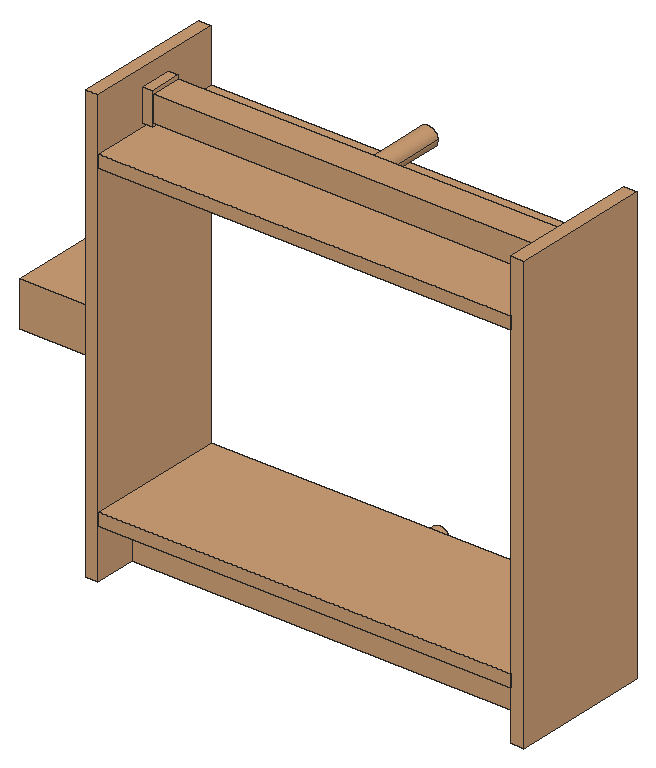
Revit family
Parameters
  Center Of Unit = 0' - 0"  # constant formula
  Water Pressure Drop [instance] = 0.00 psi
  Water Flow [instance] = 0 GPM
  Unit Weight (lbs) = 628
  URL = "http://www.ljwing.com/"
  Water Outlet Radius = 0' - 1 1/2"
  Water Outlet Odd sizes = 0' - 0"
  Total Heating Capacity [instance] = 0.0 Btu/h
  Temperature Rise [instance] = 0 °F
  Series = "VIFB"
  Outlet Area = 21.40 SF
  Number of Rows = 1  # constant formula
  Number of Coils [instance] = 0
  Nominal Length = 5' - 8 5/16"
  Model = "VC-6"
  Manufacturer = "LJ Wing"
  Leaving Water Temperature [instance] = 0 °F
  Leaving Air Temperature [instance] = 0 °F
  Face Velocity (FPM) [instance] = 0
  Entering Water Temperature [instance] = 0 °F
  Entering Air Temperature [instance] = 0 °F
  Description = "Vertical Integral Face & Bypass Water Heating Coils"
  Hot Water Odd Sizes = 0' - 0"
  Hot Water Inlet Offset = 0' - 4 3/8"  # constant formula
  Hot Water Inlet  Radius = 0' - 1 1/2"
  Coil Face Area = Outlet Area * 0.56  # 11.984 SF
  Casing Material = ""
  Assembly Code = "D3020300"
  Air Pressure Drop [instance] = 0.00 in-wg
  Air Inlet Width = Nominal Length - 0' 4"  # 5' - 4 5/16"
  Air Inlet Height = Y  # 4' - 0"
  Air Flow [instance] = 0 CFM
  Z = 0' - 2 1/8"
  Y = 4' - 0"
  S = 0' - 9 3/4"
  Product URL = "http://www.ljwing.com/html/vifb.asp"
  OmniClass = "23-75 70 21 14"
  Nominal Height = 5' - 8"
  Nominal Depth = 1' - 10"
  R = 0' - 10 1/4"
  Q = 0' - 4 5/32"
  P = 0' - 5 1/8"
  L = 0' - 5 15/16"
Reference planes (in)
  plane 1 "Center (Front/Back)": y = 0
  plane 2: z = -24
  plane 3 "Center (Left/Right)": x = 0
  plane 4: z = 34.25
  plane 5: x = -34.15625
  plane 6: x = 34.15625
  plane 7: z = -33.75
  plane 8: z = 0
  plane 9: y = -11
  plane 10: y = 11
  plane 11: z = 24
  plane 12: z = 26
  plane 13: z = -26
  plane 14: x = 32.15625
  plane 15: x = -32.15625
  plane 16: z = 29.125
  plane 17: z = -27.8125
  plane 18: x = -30
  plane 19: x = 30
  plane 20: y = 13.125
  plane 21: y = 15.375
  plane 22: x = -45.15625
  plane 23: x = 0
  plane 24: x = 0
  plane 25: z = 31.125
  plane 26: z = 27.125
  plane 27: y = -2.5
  plane 28: y = 2.5
  plane 29: y = -4.5
Forms (in)
  Extrusion 1, solid, material "Painted Finish"
    sketch origin (0, 6, -9.75) x (1, 0, 0) y (0, 0, 1)
      loop
        line (-34.15625, -24) -> (-32.15625, -24) -> (-32.15625, 44) -> (-34.15625, 44) -> (-34.15625, -24)
      loop
        line (34.15625, -24) -> (34.15625, 44) -> (32.15625, 44) -> (32.15625, -24) -> (34.15625, -24)
    from -5 to 17
  Extrusion 2, solid, material "Painted Finish"
    sketch origin (0, 6, 0) x (1, 0, 0) y (0, 0, 1)
      loop
        line (32.15625, -24) -> (-32.15625, -24) -> (-32.15625, -26) -> (32.15625, -26) -> (32.15625, -24)
      loop
        line (32.15625, 24) -> (32.15625, 26) -> (-32.15625, 26) -> (-32.15625, 24) -> (32.15625, 24)
    from -5 to 17
  Extrusion 3, solid, material "Painted Finish"
    sketch origin (0, 10, -0.5) x (1, 0, 0) y (0, 0, 1)
      loop
        line (-34.15625, 4) -> (-45.15625, 4) -> (-45.15625, -3) -> (-34.15625, -3) -> (-34.15625, 4)
    from 0 to 20
  Extrusion 4, solid, material "Painted Finish"
    sketch origin (0, 6, 0) x (1, 0, 0) y (0, 0, 1)
      loop
        line (-30.53125, 31.125) -> (-30.53125, 27.125) -> (30.53125, 27.125) -> (30.53125, 31.125) -> (-30.53125, 31.125)
    from 3.5 to 8.5
  Extrusion 5, solid, material "Painted Finish"
    sketch origin (0, 0, 0) x (1, 0, 0) y (0, 0, 1)
      loop
        line (-30.53125, 26.625) -> (-30.53125, 31.625) -> (-32.15625, 31.625) -> (-32.15625, 26.625) -> (-30.53125, 26.625)
      loop
        line (32.15625, 26.625) -> (32.15625, 31.625) -> (30.53125, 31.625) -> (30.53125, 26.625) -> (32.15625, 26.625)
    from -2.5 to 2.5
  Extrusion 6, solid, material "Painted Finish"
    sketch origin (0, 23, 0) x (1, 0, 0) y (0, 0, 1)
      loop
        circle (0, 29.125) r 1.5
    from 9.875 to 20.5
  Extrusion 7, solid, material "Painted Finish"
    sketch origin (0, 6, 0) x (1, 0, 0) y (0, 0, 1)
      loop
        line (-32.15625, -26) -> (-32.15625, -33.75) -> (32.15625, -33.75) -> (32.15625, -26) -> (-32.15625, -26)
    from -5 to 10.5
  Extrusion 8, solid, material "Painted Finish"
    sketch origin (0, 23, 0) x (1, 0, 0) y (0, 0, 1)
      loop
        circle (0, -27.8125) r 1.5
    from 7.625 to 12
  Extrusion 9, void
    sketch origin (0, 0, 0) x (1, 0, 0) y (0, 0, 1)
      loop
        line (-32.15625, 24) -> (-32.15625, -24) -> (32.15625, -24) -> (32.15625, 24) -> (-32.15625, 24)
    from -11 to 11
Cuts and joins
  Extrusion 9 cuts Extrusion 1
  Extrusion 9 cuts Extrusion 2
Dimensions and locks (in)
  "Nominal Length": plane 6 to plane 5
  equal spacing: plane 6, plane 3 "Center (Left/Right)", plane 5
  "S": plane 2 to plane 7
  "Nominal Depth": plane 10 to plane 9
  equal spacing: plane 10, plane 1 "Center (Front/Back)", plane 9
  "Y": plane 11 to plane 2
  "R": plane 4 to plane 11
  locked: plane 12 to plane 11 at 2
  locked: plane 2 to plane 13 at 2
  "P": plane 4 to plane 16
  "L": plane 17 to plane 7
  "Q": plane 18 to plane 5
  "Q": plane 6 to plane 19
  "Z": plane 20 to plane 10
  "Hot Water Inlet Offset": plane 21 to plane 10
  locked: plane 5 to plane 22 at 11
  locked: Extrusion 3 sketch curve to Extrusion 3 sketch curve at 7
  locked: Extrusion 3 to Extrusion 3 at 20
  locked: plane 6 to plane 14 at 2
  locked: plane 15 to plane 5 at 2
  "Water Outlet Odd sizes": plane 23 to plane 3 "Center (Left/Right)"
  "Hot Water Odd Sizes": plane 3 "Center (Left/Right)" to plane 24
  equal spacing: plane 25, plane 16, plane 26
  locked: Extrusion 5 sketch curve to plane 25 at 0.5
  locked: plane 26 to Extrusion 5 sketch curve at 0.5
  locked: Extrusion 6 sketch curve to plane 16 at 0
  locked: Extrusion 6 sketch curve to plane 23 at 0
  locked: Extrusion 8 sketch curve to plane 17 at 0
  locked: Extrusion 8 sketch curve to plane 24 at 0
  locked: plane 25 to plane 26 at 4
  locked: plane 28 to plane 27 at 5
  equal spacing: plane 28, plane 1 "Center (Front/Back)", plane 27
  locked: plane 27 to plane 29 at 2
  plane 4 to plane 7 = 5' - 8"
  locked: Extrusion 5 sketch curve to Extrusion 1 at 1.625
  locked: Extrusion 5 sketch curve to Extrusion 5 sketch curve at 1.625
  locked: Extrusion 9 sketch curve to plane 11 at 0
  locked: Extrusion 9 sketch curve to plane 15 at 0
  locked: Extrusion 9 sketch curve to plane 14 at 0
  locked: Extrusion 9 sketch curve to plane 2 at 0
  equal spacing: plane 11, plane 8, plane 2
  "Water Outlet Radius": radius of Extrusion 6 sketch curve
  "Hot Water Inlet  Radius": radius of Extrusion 8 sketch curve
  aligned and locked: Extrusion 1 to plane 9
  aligned and locked: Extrusion 1 to plane 10
  aligned and locked: plane 15 to Extrusion 1
  aligned and locked: Extrusion 1 to plane 14
  aligned and locked: Extrusion 2 to plane 9
  aligned and locked: plane 9 to Extrusion 1
  aligned and locked: plane 10 to Extrusion 1  (x2)
  aligned and locked: Extrusion 2 to plane 10
  aligned and locked: plane 10 to Extrusion 2  (x2)
  aligned and locked: plane 9 to Extrusion 2  (x2)
  aligned and locked: plane 5 to Extrusion 3
  aligned and locked: Extrusion 5 sketch curve to plane 15
  aligned and locked: Extrusion 5 sketch curve to Extrusion 4
  aligned and locked: Extrusion 6 to plane 20
  aligned and locked: Extrusion 1 to Extrusion 7
  aligned and locked: Extrusion 8 to plane 10
  aligned and locked: plane 21 to Extrusion 8
  aligned and locked: plane 27 to Extrusion 5
  aligned and locked: Extrusion 5 to Extrusion 4  (x2)
  aligned and locked: Extrusion 5 to plane 28
  aligned and locked: Extrusion 6 to Extrusion 4
  aligned and locked: Extrusion 7 to plane 29  (x2)
  aligned and locked: Extrusion 8 to Extrusion 7
  aligned and locked: Extrusion 4 to Extrusion 5  (x2)
  aligned and locked: Extrusion 5 to Extrusion 1  (x2)
  aligned and locked: plane 2 to Extrusion 2
  aligned and locked: plane 6 to Extrusion 1 sketch curve
  aligned and locked: plane 14 to Extrusion 1 sketch curve
  aligned and locked: Extrusion 1 sketch curve to plane 15
  aligned and locked: Extrusion 1 sketch curve to plane 5
  aligned and locked: plane 7 to Extrusion 1 sketch curve  (x2)
  aligned and locked: Extrusion 1 sketch curve to plane 4  (x2)
  aligned and locked: Extrusion 2 sketch curve to plane 11
  aligned and locked: Extrusion 2 sketch curve to plane 12
  aligned and locked: Extrusion 2 sketch curve to plane 14  (x2)
  aligned and locked: Extrusion 2 sketch curve to plane 15  (x2)
  aligned and locked: Extrusion 2 sketch curve to plane 13
  aligned and locked: plane 2 to Extrusion 2 sketch curve
  aligned and locked: plane 13 to Extrusion 7 sketch curve
  aligned and locked: Extrusion 7 sketch curve to plane 7
  aligned and locked: Extrusion 7 sketch curve to plane 14
  aligned and locked: plane 15 to Extrusion 7 sketch curve
  aligned and locked: cut or joined group of Extrusion 1, Extrusion 9 to plane 10
  aligned and locked: Extrusion 8 to plane 21
Automatic sketch dimensions
  Extrusion 3 sketch curve to plane 22 = 0' - 0"
  Extrusion 3 sketch curve to plane 5 = 0' - 0"
  plane 8 to Extrusion 3 sketch curve = 0' - 3 1/2"
  Extrusion 4 sketch curve to plane 25 = 0' - 0"
  Extrusion 4 sketch curve to plane 26 = 0' - 0"
  Extrusion 4 sketch curve to plane 18 = 0' - 0 17/32"
  plane 19 to Extrusion 4 sketch curve = 0' - 0 17/32"
  plane 26 to Extrusion 5 sketch curve = 0' - 0 1/2"
  Extrusion 5 sketch curve to plane 25 = 0' - 0 1/2"
Connectors (in)
  hvac at (0, -11, 0), driven by "Air Inlet Height", driven by "Air Inlet Width", driven by "Air Flow", driven by "Air Pressure Drop"
    settings: on Extrusion 9, index 1
  hvac at (0, 11, 0), driven by "Air Pressure Drop", driven by "Air Inlet Height", driven by "Air Inlet Width", driven by "Air Flow"
    settings: on Extrusion 9, index 2
  piping at (0, 13.125, 29.125), driven by "Water Flow", driven by "Water Outlet Radius", driven by "Water Pressure Drop"
    settings: on Extrusion 6, index 3
  piping at (0, 15.375, -27.8125), driven by "Water Flow", driven by "Water Pressure Drop", driven by "Hot Water Inlet  Radius"
    settings: on Extrusion 8, index 4
